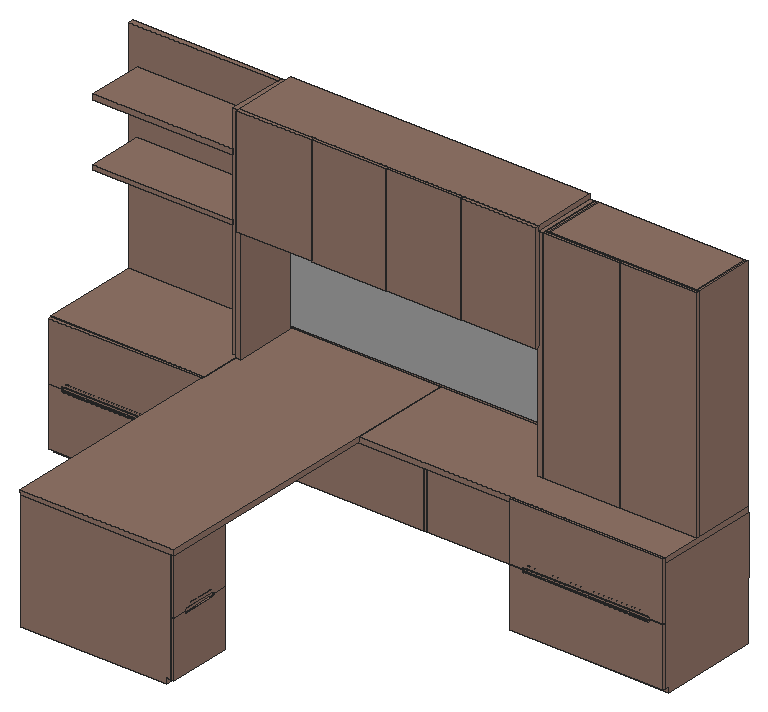
Revit family "OFS TYPICAL T100008", category Furniture, Revit 2022 (continued)
Definition of nested family "OFS SLATE CREDENZAS"
  Definition of nested family "OFS_Slate Private Office_Credenzas_Overlay Lateral File"
    Forms (in)
      Extrusion 14, solid, material <- "Drawers", visible <- "6 Drawers"
        sketch origin (-3.76383, -25.58661, 47.24409) x (-1, 0, 0) y (0, 0, 1)
          loop
            line (-23.09717, -30.70035) -> (-23.09717, -44.79409) -> (-14.4305, -44.79409) -> (-14.4305, -30.70035) -> (-23.09717, -30.70035)
          loop
            line (-31.82633, -16.9191) -> (-31.82633, -30.57535) -> (-23.22217, -30.57535) -> (-23.22217, -16.9191) -> (-31.82633, -16.9191)
          loop
            line (-31.82633, -30.70035) -> (-31.82633, -44.79409) -> (-23.22217, -44.79409) -> (-23.22217, -30.70035) -> (-31.82633, -30.70035)
        from 0 to 0.75
    Cuts and joins
      joined: Revolve 1, Revolve 2, Revolve 3, Revolve 4
      joined: Sweep 5, Extrusion 10
      Sweep 11 cuts Extrusion 12
      Sweep 11 cuts Extrusion 13
      Sweep 11 cuts Extrusion 14
    Lines and regions (in)
      Masking region 1, visible <- "Overlay Lateral File"
        outline origin (77.82463, -60, 30.3875) x (0, -1, 0) y (1, 0, 0)
          loop
            line (-60, -77.82463) -> (-34.41339, -77.82463) -> (-34.41339, -47.82463) -> (-60, -47.82463) -> (-60, -77.82463)
    Dimensions and locks (in)
      "Width": plane 3 "Center (Left/Right)" to plane 5
      equal spacing: plane 3 "Center (Left/Right)", plane 17, plane 5
      locked: Extrusion 7 sketch curve to plane 3 "Center (Left/Right)" at 1.9375
      locked: plane 20 to Extrusion 8 sketch curve at 0.125
      Extrusion 10 sketch curve to Extrusion 10 sketch curve to plane 9 = 0' - 0" locked, 0' - 1 15/16" locked
      locked: plane 3 "Center (Left/Right)" to Extrusion 10 sketch curve at 1.9375
      plane 3 "Center (Left/Right)" to plane 10 to plane 6 to plane 20 = 0' - 0 1/8" locked, 0' - 0 5/8" locked, 0' - 1 1/16" locked
      plane 22 to plane 21 to plane 4 to plane 11 to plane 5 = 0' - 0 1/8" locked, 0' - 1 1/16" locked, 0' - 0 5/8" locked, 0' - 0 1/8" locked
      "Length 2": plane 20 to plane 18
      "Length 2": plane 19 to plane 21
      Extrusion 13 sketch curve to plane 17 to Extrusion 13 sketch curve = 0' - 0 1/16" locked, 0' - 0 1/16" locked
      locked: Sweep 11 sketch curve to plane 3 "Center (Left/Right)" at 5.3725
      locked: Sweep 11 sketch curve to plane 5 at 5.3725
      equal spacing: plane 20, plane 23, plane 24, plane 21
      Extrusion 14 sketch curve to plane 23 to Extrusion 14 sketch curve = 0' - 0 1/16" locked, 0' - 0 1/16" locked
      Extrusion 14 sketch curve to plane 24 to Extrusion 14 sketch curve = 0' - 0 1/16" locked, 0' - 0 1/16" locked
      aligned and locked: level to plane 2
      aligned and locked: plane 9 to Sweep 5 sketch curve
      aligned and locked: plane 21 to Extrusion 9
      aligned and locked: Extrusion 6 to plane 22
      aligned and locked: Extrusion 7 sketch curve to plane 22
      aligned and locked: Extrusion 10 sketch curve to plane 22
      aligned and locked: plane 5 to Extrusion 10 sketch curve
      aligned and locked: plane 9 to Extrusion 10 sketch curve  (x2)
      aligned and locked: Extrusion 10 sketch curve to plane 3 "Center (Left/Right)"
      aligned and locked: plane 22 to Extrusion 8 sketch curve
      aligned and locked: Masking region 1 sketch curve to Extrusion 7
      aligned and locked: Extrusion 7 to Extrusion 12
      aligned and locked: Extrusion 12 to plane 22
      aligned and locked: Extrusion 13 sketch curve to Extrusion 6
      aligned and locked: Extrusion 13 sketch curve to cut or joined group of Sweep 11, Extrusion 12
      aligned and locked: Extrusion 13 sketch curve to Extrusion 13 sketch curve
      aligned and locked: plane 22 to Extrusion 13 sketch curve
      aligned and locked: Extrusion 14 sketch curve to cut or joined group of Sweep 11, Extrusion 13
      aligned and locked: Extrusion 14 sketch curve to Extrusion 14 sketch curve  (x6)
      aligned and locked: Extrusion 14 sketch curve to plane 22
    Automatic sketch dimensions
      Revolve 1 sketch curve to plane 12 = 0' - 0"
      Revolve 1 sketch curve to level = 0' - 0"  (x2)
      Revolve 1 sketch curve to plane 6 = 0' - 0 7/32"
      plane 6 to Revolve 1 sketch curve = 0' - 0.02625"
      plane 6 to Revolve 1 sketch curve = 0' - 0 1/32"
      Revolve 1 sketch curve to Revolve 1 sketch curve = 0' - 0.03868"
      level to Revolve 1 sketch curve = 0' - 0.13"
      Revolve 1 sketch curve to Revolve 1 sketch curve = 0' - 0"
      Revolve 1 sketch curve to level = 0' - 0.09316"
      Revolve 2 sketch curve to plane 12 = 0' - 0"
      Revolve 2 sketch curve to level = 0' - 0"  (x2)
      Revolve 2 sketch curve to plane 4 = 0' - 0 7/32"
      plane 4 to Revolve 2 sketch curve = 0' - 0.02625"
      plane 4 to Revolve 2 sketch curve = 0' - 0 1/32"
      Revolve 2 sketch curve to Revolve 2 sketch curve = 0' - 0.03868"
      Revolve 2 sketch curve to plane 12 = 0' - 0.19756"
      Revolve 2 sketch curve to Revolve 2 sketch curve = 0' - 0"
      Revolve 2 sketch curve to Revolve 2 sketch curve = 0' - 0.09316"
      Revolve 3 sketch curve to plane 12 = 0' - 0"
      Revolve 3 sketch curve to level = 0' - 0"  (x2)
      plane 4 to Revolve 3 sketch curve = 0' - 0.06992"
      plane 4 to Revolve 3 sketch curve = 0' - 0 1/32"
      plane 4 to Revolve 3 sketch curve = 0' - 0.02625"
      Revolve 3 sketch curve to plane 4 = 0' - 0 7/32"
      level to Revolve 3 sketch curve = 0' - 0.13"
      Revolve 3 sketch curve to Revolve 3 sketch curve = 0' - 0"
      Revolve 3 sketch curve to Revolve 3 sketch curve = 0' - 0.09316"
      Revolve 4 sketch curve to plane 12 = 0' - 0"
      Revolve 4 sketch curve to level = 0' - 0"  (x2)
      Revolve 4 sketch curve to plane 6 = 0' - 0 7/32"
      plane 6 to Revolve 4 sketch curve = 0' - 0.02625"
      plane 6 to Revolve 4 sketch curve = 0' - 0 1/32"
      Revolve 4 sketch curve to Revolve 4 sketch curve = 0' - 0.03868"
      Revolve 4 sketch curve to Revolve 4 sketch curve = 0' - 0.13"
      Revolve 4 sketch curve to Revolve 4 sketch curve = 0' - 0"
      Revolve 4 sketch curve to level = 0' - 0.09316"
      Extrusion 6 sketch curve to plane 12 = 0' - 0"
      Extrusion 6 sketch curve to plane 1 "Center (Front/Back)" = 0' - 0"
      plane 14 to Extrusion 6 sketch curve = 0' - 0.62544"
      plane 13 to Extrusion 6 sketch curve = 0' - 1 3/16"
      plane 12 to Extrusion 8 sketch curve = 0' - 1 1/4"
      Extrusion 8 sketch curve to Extrusion 8 sketch curve = 0' - 0 3/4"
      plane 13 to Extrusion 9 sketch curve = 0' - 0"
      plane 14 to Extrusion 9 sketch curve = 0' - 0.63677"
      Extrusion 9 sketch curve to plane 7 = 0' - 0 3/4"
      plane 13 to Extrusion 9 sketch curve = 0' - 1 3/16"
      plane 1 "Center (Front/Back)" to Extrusion 10 sketch curve = 0' - 0"  (x2)
      Sweep 11 sketch curve to plane 8 = 0' - 0"
      plane 8 to Sweep 11 sketch curve = 0' - 0.06015"
      Sweep 11 sketch curve to profile plane = 0' - 0.17843"
      Sweep 11 sketch curve to profile plane = 0' - 0.23364"
      Sweep 11 sketch curve to Sweep 11 sketch curve = 0' - 0.07084"
      Sweep 11 sketch curve to Sweep 11 sketch curve = 0' - 0 33/64"
      Sweep 11 sketch curve to Sweep 11 sketch curve = 0' - 0.2997"
      Sweep 11 sketch curve to Sweep 11 sketch curve = 0' - 0.2339"
      Extrusion 12 sketch curve to plane 8 = 0' - 0"  (x2)
      plane 13 to Extrusion 12 sketch curve = 0' - 0 1/16"
      plane 8 to Extrusion 12 sketch curve = 0' - 0 3/4"
      Extrusion 12 sketch curve to Extrusion 12 sketch curve = 1' - 1 21/32"
      Extrusion 12 sketch curve to Extrusion 12 sketch curve = 0' - 0 1/8"
      plane 12 to Extrusion 12 sketch curve = 0' - 1 1/4"
      Extrusion 12 sketch curve to Extrusion 12 sketch curve = 0' - 0 3/4"
      plane 13 to Sweep 11 sketch curve = 1' - 2.59302"
      Sweep 11 sketch curve to Sweep 11 sketch curve = 0' - 0.81176"
      Sweep 5 sketch curve to plane 5 = 0' - 0"
      Sweep 5 sketch curve to plane 3 "Center (Left/Right)" = 0' - 0"
      Sweep 5 sketch curve to plane 12 = 0' - 0"
      Sweep 5 sketch curve to profile plane = 0' - 0"
      profile plane to Sweep 5 sketch curve = 0' - 0 3/4"
      Sweep 5 sketch curve to Sweep 5 sketch curve = 0' - 1 1/4"
      Extrusion 7 sketch curve to plane 3 "Center (Left/Right)" = 0' - 0"
      plane 5 to Extrusion 7 sketch curve = 0' - 0"
      plane 12 to Extrusion 7 sketch curve = 0' - 1 1/4"  (x2)
      plane 13 to Extrusion 7 sketch curve = 0' - 1 3/16"  (x2)
      Extrusion 13 sketch curve to plane 17 = 0' - 0 1/16"
      plane 17 to Extrusion 13 sketch curve = 0' - 0 1/16"
      plane 12 to Extrusion 13 sketch curve = 0' - 2"  (x2)
      plane 13 to Extrusion 13 sketch curve = 1' - 1 27/32"
      Extrusion 13 sketch curve to Extrusion 13 sketch curve = 0' - 0"
      Extrusion 13 sketch curve to Extrusion 13 sketch curve = 0' - 0 1/8"  (x2)
      plane 13 to Extrusion 13 sketch curve = 0' - 0 1/16"  (x2)
      plane 12 to Extrusion 14 sketch curve = 0' - 2"  (x2)
      Extrusion 14 sketch curve to Extrusion 14 sketch curve = 0' - 0"  (x2)
      plane 13 to Extrusion 14 sketch curve = 1' - 1 27/32"  (x2)
      Extrusion 14 sketch curve to Extrusion 14 sketch curve = 0' - 0 1/8"  (x3)
      plane 13 to Extrusion 14 sketch curve = 0' - 0 1/16"  (x3)
      Masking region 1 sketch curve to plane 3 "Center (Left/Right)" = 0' - 0"
      Masking region 1 sketch curve to plane 8 = 0' - 0"
      Masking region 1 sketch curve to plane 5 = 0' - 0"
  Definition of nested family "Tag"
    Parameters
      P_Width = 0' - 0"
      Text_Width = "Empty"
      Text_Height = "Empty"
      Text_Diameter = "Empty"
      Text_Depth = "Empty"
      Offset (LR) [instance] = 0' - 0"
      Model Name = "Type Catalog"
      P_Height = 0' - 0"
      Distance of Center (not Change) = 0' - 0.1"
      P_Diameter = 0' - 0"
      P_Depth = 0' - 0"
    Reference planes (in)
      plane 1: y = 0
      plane 2: x = 0
    Lines and regions (in)
      reference lines
        curve 1: line (-0.44359, 0.1, 0) -> (0.41085, 0.1, 0)
        curve 3: line (0, 0.42564, 0) -> (0, -0.30221, 0)
      reference lines, not visible
        curve 2: line (-0.44359, 0.09843, 0) -> (0.41085, 0.09843, 0)
        curve 4: line (0, 0.42407, 0) -> (0, -0.30379, 0)
    Text (in)
      label "Empty" at (0.00197, 0.0921, 0), shows "Model Name"
      label "Empty" at (0.00197, 0.09052, 0), shows "Model Name", not visible
    Dimensions and locks (in)
      "Distance of Center (not Change)": plane 1 to curve 1
      "Offset (LR)": curve 3 to plane 2
    Automatic sketch dimensions
      curve 1 to curve 3 = 0' - 0.44359"
      curve 3 to curve 1 = 0' - 0.41085"
      curve 3 to curve 1 = 0' - 0.40221"
      curve 1 to curve 3 = 0' - 0.32564"
      curve 2 to curve 4 = 0' - 0.44359"
      curve 4 to curve 2 = 0' - 0.41085"
      curve 4 to curve 2 = 0' - 0.40221"
      curve 2 to curve 4 = 0' - 0.32564"
  Definition of nested family "OFS_Slate Private Office_Credenzas_Double Pedestal"
    Parameters
      Width 1 [instance] = if(Width < 5' 0", 5' 0", Width)  # 5' - 0"
      Width [instance] = 5' - 0"
      URL = "http://www.ofsbrands.com/"
      Type [instance] = 1
      Top [instance] = none
      Panel [instance] = none
      Model = "Type Catalog"
      Manufacturer = "OFS BRANDS"  # constant formula
      Glides [instance] = none
      Drawers [instance] = none
      Double Pedestal [instance] = Type = 1  # yes
      Description = "Type Catalog"
      Default Elevation = 0' - 0"
      Copyright © = "© 2016 OFS BRANDS"  # constant formula
      Catalog = "OFS"  # constant formula
      Case [instance] = none
      Base [instance] = none
      Authoring Version = "Autodesk Revit Architecture 2014"  # constant formula
      Assembly Code = "E2020200"
    Reference planes (in)
      plane 1 "Center (Front/Back)": y = 0
      plane 2: z = 0
      plane 3 "Center (Left/Right)": x = 0
      plane 4: z = 0.45
      plane 5: z = 1.7
      plane 6: z = 28.0125
      plane 7: z = 29.2
      plane 8: z = 2.45
      plane 9: x = 18
      plane 10: x = 30
      plane 11: x = 60
      plane 12: x = 42
      plane 13: y = -1.37544
      plane 14: y = -21.74956
      plane 15: y = -24
      plane 16: y = -24.83661
      plane 17: x = 0.75
      plane 18: x = 59.25
      plane 19: x = 17.25
      plane 20: x = 42.75
      plane 21: x = 18.75
      plane 22: x = 41.25
    Forms (in)
      Extrusion 1, solid, material <- "Top", visible <- "Double Pedestal"
        sketch origin (0, 0, 0) x (0, 1, 0) y (0, 0, 1)
          loop
            line (0, 29.2) -> (-24, 29.2) -> (-24, 28.0125) -> (0, 28.0125) -> (0, 29.2)
        from 0 to 60
      Sweep 2, solid, material <- "Case", visible <- "Double Pedestal"
        path origin (-60.07556, -60, 0.45) x (-1, 0, 0) y (0, -1, 0)
          loop
            line (-60.82556, -60) -> (-60.82556, -37.625) -> (-77.32556, -37.625) -> (-77.32556, -60)
        profile origin (9, -22.375, 0.45) x (0, 1, 0) y (0, 0, 1)
          loop
            line (-0.75, 0) -> (0, 0) -> (0, 1.25) -> (-0.75, 1.25) -> (-0.75, 0)
      Extrusion 3, solid, material <- "Case", visible <- "Double Pedestal"
        sketch origin (-3.76383, -24, 47.24409) x (-1, 0, 0) y (0, 0, 1)
          loop
            line (-3.76383, -19.2316) -> (-4.51383, -19.2316) -> (-4.51383, -45.5441) -> (-3.76383, -45.5441) -> (-3.76383, -19.2316)
          loop
            line (-21.01383, -19.2316) -> (-21.76383, -19.2316) -> (-21.76383, -45.5441) -> (-21.01383, -45.5441) -> (-21.01383, -19.2316)
          loop
            line (-63.76383, -19.2316) -> (-63.76383, -45.5441) -> (-63.01383, -45.5441) -> (-63.01383, -19.2316) -> (-63.76383, -19.2316)
          loop
            line (-46.51383, -19.2316) -> (-46.51383, -45.5441) -> (-45.76383, -45.5441) -> (-45.76383, -19.2316) -> (-46.51383, -19.2316)
        from 0 to 24
      Extrusion 4, solid, material <- "Case", visible <- "Double Pedestal"
        sketch origin (-60.07556, -60, 0.45) x (-1, 0, 0) y (0, -1, 0)
          loop
            line (-60.82556, -60) -> (-60.82556, -59.25) -> (-77.32556, -59.25) -> (-77.32556, -60) -> (-60.82556, -60)
          loop
            line (-119.32556, -59.25) -> (-119.32556, -60) -> (-102.82556, -60) -> (-102.82556, -59.25) -> (-119.32556, -59.25)
        from 0 to 27.5625
      Extrusion 5, solid, material <- "Case", visible <- "Double Pedestal"
        sketch origin (-60.07556, -60, 0.45) x (-1, 0, 0) y (0, -1, 0)
          loop
            line (-78.07556, -60) -> (-78.07556, -56.75) -> (-78.82556, -56.75) -> (-78.82556, -60) -> (-78.07556, -60)
          loop
            line (-101.32556, -60) -> (-101.32556, -56.75) -> (-102.07556, -56.75) -> (-102.07556, -60) -> (-101.32556, -60)
        from 0 to 27.5625
      Extrusion 6, solid, material <- "Panel", visible <- "Double Pedestal"
        sketch origin (-60.07556, -60, 0.45) x (-1, 0, 0) y (0, -1, 0)
          loop
            line (-78.07556, -56.75) -> (-78.07556, -56) -> (-102.07556, -56) -> (-102.07556, -56.75) -> (-78.07556, -56.75)
        from 0 to 14
      Extrusion 7, solid, material <- "Panel", visible <- "Double Pedestal"
        sketch origin (-60.07556, -60, 0.45) x (-1, 0, 0) y (0, -1, 0)
          loop
            line (-78.20056, -56.75) -> (-78.20056, -56) -> (-101.95056, -56) -> (-101.95056, -56.75) -> (-78.20056, -56.75)
        from 14.125 to 26.8125
      Extrusion 8, solid, material <- "Drawers", visible <- "Double Pedestal"
        sketch origin (63.21186, -24.83661, 47.24409) x (1, 0, 0) y (0, 0, 1)
          loop
            line (-63.08686, -18.10659) -> (-63.08686, -31.76284) -> (-45.21186, -31.76284) -> (-45.21186, -18.10659) -> (-63.08686, -18.10659)
          loop
            line (-45.21186, -31.88784) -> (-63.08686, -31.88784) -> (-63.08686, -45.5441) -> (-45.21186, -45.5441) -> (-45.21186, -31.88784)
          loop
            line (-3.33686, -18.10659) -> (-21.21186, -18.10659) -> (-21.21186, -31.76284) -> (-3.33686, -31.76284) -> (-3.33686, -18.10659)
          loop
            line (-21.21186, -31.88784) -> (-21.21186, -45.5441) -> (-3.33686, -45.5441) -> (-3.33686, -31.88784) -> (-21.21186, -31.88784)
        from 0 to -0.75
      Sweep 9, void
        path origin (63.21186, -24.83661, 47.24409) x (1, 0, 0) y (0, 0, 1)
          loop
            arc (-59.52677, -31.01358) -> (-60.33854, -31.82534) -> (-59.52677, -32.63711) r 0.81176
            line (-59.52677, -32.63711) -> (-48.77196, -32.63711)
            arc (-48.77196, -32.63711) -> (-47.96019, -31.82534) -> (-48.77196, -31.01358) r 0.81176
            line (-48.77196, -31.01358) -> (-59.52677, -31.01358)
        profile origin (9.0625, -24.83661, 16.23051) x (0, 0, 1) y (0, -1, 0)
          loop
            line (-0.74926, 0) -> (-0.74926, -0.59375) -> (-0.23364, -0.59375)
            arc (-0.23364, -0.59375) -> (0.00064, -0.37682) -> (-0.19766, -0.12657) r 0.23498
            arc (-0.19766, -0.12657) -> (-0.2346, -0.106) -> (-0.24927, -0.06635) r 0.06093
            line (-0.24927, -0.06635) -> (-0.24927, 0) -> (-0.74926, 0)
      Sweep 10, void
        path origin (-3.21186, -24.83661, 47.24409) x (-1, 0, 0) y (0, 0, -1)
          loop
            line (-59.52677, 31.01358) -> (-48.77196, 31.01358)
            arc (-48.77196, 31.01358) -> (-47.96019, 31.82534) -> (-48.77196, 32.63711) r 0.81176
            line (-48.77196, 32.63711) -> (-59.52677, 32.63711)
            arc (-59.52677, 32.63711) -> (-60.33854, 31.82534) -> (-59.52677, 31.01358) r 0.81176
        profile origin (50.9375, -24.83661, 16.23051) x (0, 0, -1) y (0, -1, 0)
          loop
            line (0.74926, 0) -> (0.24927, 0) -> (0.24927, -0.06635)
            arc (0.24927, -0.06635) -> (0.2346, -0.106) -> (0.19766, -0.12657) r 0.06093
            arc (0.19766, -0.12657) -> (-0.00064, -0.37682) -> (0.23364, -0.59375) r 0.23498
            line (0.23364, -0.59375) -> (0.74926, -0.59375) -> (0.74926, 0)
      Extrusion 11, solid, material <- "Base", visible <- "Double Pedestal"
        sketch origin (0, 0, 0) x (1, 0, 0) y (0, 0, 1)
          loop
            line (0.75, 2.45) -> (0.75, 1.7) -> (17.25, 1.7) -> (17.25, 2.45) -> (0.75, 2.45)
          loop
            line (42.75, 2.45) -> (42.75, 1.7) -> (59.25, 1.7) -> (59.25, 2.45) -> (42.75, 2.45)
        from 0.75 to 24
      Sweep 12, solid, material <- "Case", visible <- "Double Pedestal"
        path origin (120.07556, -60, 0.45) x (1, 0, 0) y (0, 1, 0)
          loop
            line (-60.82556, 60) -> (-60.82556, 37.625) -> (-77.32556, 37.625) -> (-77.32556, 60)
        profile origin (51, -22.375, 0.45) x (0, -1, 0) y (0, 0, 1)
          loop
            line (0.75, 0) -> (0.75, 1.25) -> (0, 1.25) -> (0, 0) -> (0.75, 0)
      Extrusion 13, solid, material <- "Case", visible <- "Double Pedestal"
        sketch origin (-60.07556, -60, 0.45) x (-1, 0, 0) y (0, -1, 0)
          loop
            line (-60.82556, -59.25) -> (-60.82556, -57.75) -> (-62.32556, -57.75) -> (-62.32556, -59.25) -> (-60.82556, -59.25)
          loop
            line (-75.82556, -59.25) -> (-75.82556, -57.75) -> (-77.32556, -57.75) -> (-77.32556, -59.25) -> (-75.82556, -59.25)
          loop
            line (-62.32556, -39.125) -> (-60.82556, -39.125) -> (-60.82556, -37.625) -> (-62.32556, -37.625) -> (-62.32556, -39.125)
          loop
            line (-75.82556, -39.125) -> (-75.82556, -37.625) -> (-77.32556, -37.625) -> (-77.32556, -39.125) -> (-75.82556, -39.125)
          loop
            line (-119.32556, -59.25) -> (-117.82556, -59.25) -> (-117.82556, -57.75) -> (-119.32556, -57.75) -> (-119.32556, -59.25)
          loop
            line (-104.32556, -59.25) -> (-102.82556, -59.25) -> (-102.82556, -57.75) -> (-104.32556, -57.75) -> (-104.32556, -59.25)
          loop
            line (-117.82556, -39.125) -> (-117.82556, -37.625) -> (-119.32556, -37.625) -> (-119.32556, -39.125) -> (-117.82556, -39.125)
          loop
            line (-104.32556, -39.125) -> (-102.82556, -39.125) -> (-102.82556, -37.625) -> (-104.32556, -37.625) -> (-104.32556, -39.125)
        from 0 to 1.25
      Revolve 14, solid, material <- "Glides", visible <- "Double Pedestal"
        sketch origin (-3.76383, -1.37544, 47.24409) x (-1, 0, 0) y (0, 0, 1)
          loop
            line (-5.15473, -46.79409) -> (-5.15473, -47.24409) -> (-4.90473, -47.24409)
            arc (-4.90473, -47.24409) -> (-4.78439, -47.13335) -> (-4.86606, -46.99165) r 0.13088
            line (-4.86606, -46.99165) -> (-4.90473, -46.99165) -> (-4.90473, -46.79409) -> (-5.15473, -46.79409)
          axis (-5.15473, -46.79409) -> (-5.15473, -47.24409)
        angle from 0 to 360
      Revolve 15, solid, material <- "Glides", visible <- "Double Pedestal"
        sketch origin (21.76383, -1.37544, 47.24409) x (1, 0, 0) y (0, 0, -1)
          loop
            line (-5.15473, 46.79409) -> (-4.90473, 46.79409) -> (-4.90473, 46.99165) -> (-4.86606, 46.99165)
            arc (-4.86606, 46.99165) -> (-4.78439, 47.13335) -> (-4.90473, 47.24409) r 0.13088
            line (-4.90473, 47.24409) -> (-5.15473, 47.24409) -> (-5.15473, 46.79409)
          axis (-5.15473, 46.79409) -> (-5.15473, 47.24409)
        angle from 0 to 360
      Revolve 16, solid, material <- "Glides", visible <- "Double Pedestal"
        sketch origin (63.21186, -21.74956, 47.24409) x (1, 0, 0) y (0, 0, 1)
          loop
            line (-61.82096, -46.79409) -> (-62.07096, -46.79409) -> (-62.07096, -46.99165) -> (-62.10964, -46.99165)
            arc (-62.10964, -46.99165) -> (-62.19131, -47.13335) -> (-62.07096, -47.24409) r 0.13088
            line (-62.07096, -47.24409) -> (-61.82096, -47.24409) -> (-61.82096, -46.79409)
          axis (-61.82096, -46.79409) -> (-61.82096, -47.24409)
        angle from 0 to 360
      Revolve 17, solid, material <- "Glides", visible <- "Double Pedestal"
        sketch origin (63.21186, -21.74956, 47.24409) x (1, 0, 0) y (0, 0, 1)
          loop
            line (-46.60277, -46.79409) -> (-46.60277, -47.24409) -> (-46.35277, -47.24409)
            arc (-46.35277, -47.24409) -> (-46.23242, -47.13335) -> (-46.31409, -46.99165) r 0.13088
            line (-46.31409, -46.99165) -> (-46.35277, -46.99165) -> (-46.35277, -46.79409) -> (-46.60277, -46.79409)
          axis (-46.60277, -46.79409) -> (-46.60277, -47.24409)
        angle from 0 to 360
      Revolve 18, solid, material <- "Glides", visible <- "Double Pedestal"
        sketch origin (63.76383, -1.37544, 47.24409) x (1, 0, 0) y (0, 0, -1)
          loop
            line (-5.15473, 46.79409) -> (-4.90473, 46.79409) -> (-4.90473, 46.99165) -> (-4.86606, 46.99165)
            arc (-4.86606, 46.99165) -> (-4.78439, 47.13335) -> (-4.90473, 47.24409) r 0.13088
            line (-4.90473, 47.24409) -> (-5.15473, 47.24409) -> (-5.15473, 46.79409)
          axis (-5.15473, 46.79409) -> (-5.15473, 47.24409)
        angle from 0 to 360
      Revolve 19, solid, material <- "Glides", visible <- "Double Pedestal"
        sketch origin (38.23617, -1.37544, 47.24409) x (-1, 0, 0) y (0, 0, 1)
          loop
            line (-5.15473, -46.79409) -> (-5.15473, -47.24409) -> (-4.90473, -47.24409)
            arc (-4.90473, -47.24409) -> (-4.78439, -47.13335) -> (-4.86606, -46.99165) r 0.13088
            line (-4.86606, -46.99165) -> (-4.90473, -46.99165) -> (-4.90473, -46.79409) -> (-5.15473, -46.79409)
          axis (-5.15473, -46.79409) -> (-5.15473, -47.24409)
        angle from 0 to 360
      Revolve 20, solid, material <- "Glides", visible <- "Double Pedestal"
        sketch origin (-3.21186, -21.74956, 47.24409) x (-1, 0, 0) y (0, 0, -1)
          loop
            line (-61.82096, 46.79409) -> (-61.82096, 47.24409) -> (-62.07096, 47.24409)
            arc (-62.07096, 47.24409) -> (-62.19131, 47.13335) -> (-62.10964, 46.99165) r 0.13088
            line (-62.10964, 46.99165) -> (-62.07096, 46.99165) -> (-62.07096, 46.79409) -> (-61.82096, 46.79409)
          axis (-61.82096, 46.79409) -> (-61.82096, 47.24409)
        angle from 0 to 360
      Revolve 21, solid, material <- "Glides", visible <- "Double Pedestal"
        sketch origin (-3.21186, -21.74956, 47.24409) x (-1, 0, 0) y (0, 0, -1)
          loop
            line (-46.60277, 46.79409) -> (-46.35277, 46.79409) -> (-46.35277, 46.99165) -> (-46.31409, 46.99165)
            arc (-46.31409, 46.99165) -> (-46.23242, 47.13335) -> (-46.35277, 47.24409) r 0.13088
            line (-46.35277, 47.24409) -> (-46.60277, 47.24409) -> (-46.60277, 46.79409)
          axis (-46.60277, 46.79409) -> (-46.60277, 47.24409)
        angle from 0 to 360
    Cuts and joins
      Sweep 9, Sweep 10 cuts Extrusion 8
      joined: Sweep 2, Extrusion 3, Extrusion 13
      joined: Revolve 14, Revolve 15, Revolve 16, Revolve 17, Revolve 18, Revolve 19, Revolve 20, Revolve 21
    Lines and regions (in)
      Masking region 1, visible <- "Double Pedestal"
        outline origin (-60.07556, -60, 29.2) x (-1, 0, 0) y (0, -1, 0)
          loop
            line (-60.07556, -60) -> (-60.07556, -35.16339) -> (-120.07556, -35.16339) -> (-120.07556, -60) -> (-60.07556, -60)
    Dimensions and locks (in)
      "Width 1": plane 3 "Center (Left/Right)" to plane 11
      plane 3 "Center (Left/Right)" to plane 17 to plane 19 to plane 9 to plane 21 = 0' - 0 3/4" locked, 1' - 4 1/2" locked, 0' - 0 3/4" locked, 0' - 0 3/4" locked
      plane 22 to plane 12 to plane 20 to plane 18 to plane 11 = 0' - 0 3/4" locked, 0' - 0 3/4" locked, 1' - 4 1/2" locked, 0' - 0 3/4" locked
      equal spacing: plane 3 "Center (Left/Right)", plane 10, plane 11
      Sweep 9 sketch curve to Sweep 9 sketch curve to plane 3 "Center (Left/Right)" = 0' - 10.75482" locked, 0' - 3.68509" locked
      Sweep 10 sketch curve to Sweep 10 sketch curve to plane 11 = 0' - 10.75482" locked, 0' - 3.68509" locked
      aligned and locked: level to plane 2
      aligned and locked: plane 11 to Extrusion 1
      aligned and locked: Extrusion 3 sketch curve to Extrusion 1  (x2)
      aligned and locked: Extrusion 3 sketch curve to Sweep 2  (x2)
      aligned and locked: Extrusion 3 sketch curve to plane 6
      aligned and locked: Extrusion 3 sketch curve to plane 19
      aligned and locked: Extrusion 4 sketch curve to plane 19
      aligned and locked: plane 20 to Extrusion 4 sketch curve
      aligned and locked: plane 18 to Extrusion 4 sketch curve
      aligned and locked: plane 17 to Extrusion 4 sketch curve
      aligned and locked: Sweep 2 to Extrusion 5 sketch curve
      aligned and locked: plane 21 to Extrusion 5 sketch curve
      aligned and locked: plane 1 "Center (Front/Back)" to Extrusion 5 sketch curve
      aligned and locked: plane 22 to Extrusion 5 sketch curve
      aligned and locked: plane 12 to Extrusion 5 sketch curve
      aligned and locked: Sweep 12 sketch curve to plane 20
      aligned and locked: plane 18 to Sweep 12 sketch curve
      aligned and locked: plane 19 to Sweep 2 sketch curve
      aligned and locked: Sweep 2 sketch curve to plane 17
      aligned and locked: Masking region 1 sketch curve to Extrusion 1  (x2)
      aligned and locked: Masking region 1 sketch curve to cut or joined group of Extrusion 8, Sweep 9, Sweep 10
      aligned and locked: Masking region 1 sketch curve to plane 11
    Automatic sketch dimensions
      Extrusion 1 sketch curve to plane 7 = 0' - 0"
      Extrusion 1 sketch curve to plane 15 = 0' - 0"
      Extrusion 1 sketch curve to plane 1 "Center (Front/Back)" = 0' - 0"
      plane 6 to Extrusion 1 sketch curve = 0' - 0"
      plane 1 "Center (Front/Back)" to Sweep 2 sketch curve = 0' - 0"  (x2)
      plane 14 to Sweep 2 sketch curve = 0' - 0.62544"
      Sweep 2 sketch curve to plane 4 = 0' - 0"
      Sweep 2 sketch curve to profile plane = 0' - 0"
      profile plane to Sweep 2 sketch curve = 0' - 0 3/4"
      plane 4 to Sweep 2 sketch curve = 0' - 1 1/4"
      Extrusion 3 sketch curve to plane 5 = 0' - 0"  (x4)
      Extrusion 3 sketch curve to plane 11 = 0' - 0"
      plane 18 to Extrusion 3 sketch curve = 0' - 0"
      plane 20 to Extrusion 3 sketch curve = 0' - 0"
      Extrusion 3 sketch curve to plane 6 = 0' - 0"  (x2)
      Extrusion 3 sketch curve to plane 12 = 0' - 0"
      plane 1 "Center (Front/Back)" to Extrusion 4 sketch curve = 0' - 0"  (x2)
      plane 13 to Extrusion 4 sketch curve = 0' - 0.62544"  (x2)
      plane 1 "Center (Front/Back)" to Extrusion 5 sketch curve = 0' - 0"
      Extrusion 5 sketch curve to plane 13 = 0' - 1.87456"  (x2)
      Extrusion 6 sketch curve to plane 12 = 0' - 0"
      Extrusion 6 sketch curve to plane 9 = 0' - 0"
      Extrusion 6 sketch curve to plane 13 = 0' - 1.87456"
      Extrusion 6 sketch curve to Extrusion 6 sketch curve = 0' - 0 3/4"
      plane 12 to Extrusion 7 sketch curve = 0' - 0 1/8"
      plane 9 to Extrusion 7 sketch curve = 0' - 0 1/8"
      Extrusion 7 sketch curve to plane 13 = 0' - 1.87456"
      Extrusion 7 sketch curve to Extrusion 7 sketch curve = 0' - 0 3/4"
      Extrusion 8 sketch curve to plane 5 = 0' - 0"  (x2)
      Extrusion 8 sketch curve to plane 9 = 0' - 0"  (x2)
      plane 3 "Center (Left/Right)" to Extrusion 8 sketch curve = 0' - 0 1/8"
      Extrusion 8 sketch curve to Extrusion 8 sketch curve = 0' - 0"  (x2)
      Extrusion 8 sketch curve to plane 12 = 0' - 0"  (x2)
      Extrusion 8 sketch curve to plane 11 = 0' - 0 1/8"
      plane 6 to Extrusion 8 sketch curve = 1' - 0 21/32"  (x2)
      Extrusion 8 sketch curve to Extrusion 8 sketch curve = 0' - 0 1/8"  (x2)
      Extrusion 8 sketch curve to plane 7 = 0' - 0 1/16"  (x2)
      Sweep 9 sketch curve to plane 8 = 1' - 0.15699"
      Sweep 9 sketch curve to Sweep 9 sketch curve = 0' - 0.81176"
      Sweep 9 sketch curve to plane 16 = 0' - 0"
      profile plane to Sweep 9 sketch curve = 0' - 0.74926"
      Sweep 9 sketch curve to plane 16 = 0' - 0.06635"
      profile plane to Sweep 9 sketch curve = 0' - 0.24927"
      profile plane to Sweep 9 sketch curve = 0' - 0.23364"
      Sweep 9 sketch curve to Sweep 9 sketch curve = 0' - 0.06093"
      Sweep 9 sketch curve to Sweep 9 sketch curve = 0' - 0.29242"
      Sweep 9 sketch curve to Sweep 9 sketch curve = 0' - 0.23498"
      plane 6 to Sweep 10 sketch curve = 0' - 11.78198"
      Sweep 10 sketch curve to Sweep 10 sketch curve = 0' - 0.81176"
      Sweep 10 sketch curve to plane 16 = 0' - 0"
      Sweep 10 sketch curve to plane 16 = 0' - 0.06635"
      Sweep 10 sketch curve to profile plane = 0' - 0.18833"
      Sweep 10 sketch curve to profile plane = 0' - 0.23364"
      Sweep 10 sketch curve to Sweep 10 sketch curve = 0' - 0.06093"
      Sweep 10 sketch curve to Sweep 10 sketch curve = 0' - 0 33/64"
      Sweep 10 sketch curve to Sweep 10 sketch curve = 0' - 0.29242"
      Sweep 10 sketch curve to Sweep 10 sketch curve = 0' - 0.23498"
      Extrusion 11 sketch curve to plane 5 = 0' - 0"  (x2)
      Extrusion 11 sketch curve to plane 17 = 0' - 0"
      Extrusion 11 sketch curve to plane 19 = 0' - 0"
      Extrusion 11 sketch curve to plane 8 = 0' - 0"  (x2)
      plane 20 to Extrusion 11 sketch curve = 0' - 0"
      plane 18 to Extrusion 11 sketch curve = 0' - 0"
      plane 1 "Center (Front/Back)" to Sweep 12 sketch curve = 0' - 0"  (x2)
      plane 14 to Sweep 12 sketch curve = 0' - 0.62544"
      Sweep 12 sketch curve to plane 4 = 0' - 0"
      Sweep 12 sketch curve to profile plane = 0' - 0"
      Sweep 12 sketch curve to profile plane = 0' - 0 3/4"
      Sweep 12 sketch curve to Sweep 12 sketch curve = 0' - 1 1/4"
      Extrusion 13 sketch curve to plane 18 = 0' - 0"  (x2)
      Extrusion 13 sketch curve to plane 20 = 0' - 0"  (x2)
      Extrusion 13 sketch curve to plane 19 = 0' - 0"  (x2)
      Extrusion 13 sketch curve to plane 17 = 0' - 0"  (x2)
      plane 13 to Extrusion 13 sketch curve = 0' - 0.62544"  (x4)
      Extrusion 13 sketch curve to Extrusion 13 sketch curve = 0' - 1 1/2"  (x5)
      plane 14 to Extrusion 13 sketch curve = 0' - 0.62544"  (x4)
      Extrusion 13 sketch curve to plane 20 = 0' - 1 1/2"
      plane 17 to Extrusion 13 sketch curve = 0' - 1 1/2"  (x2)
      Extrusion 13 sketch curve to plane 13 = 0' - 0.87456"  (x4)
      Extrusion 13 sketch curve to plane 14 = 0' - 0.87456"  (x4)
      Revolve 14 sketch curve to plane 4 = 0' - 0"
      Revolve 14 sketch curve to level = 0' - 0"  (x2)
      plane 17 to Revolve 14 sketch curve = 0' - 0.6409"
      Revolve 14 sketch curve to Revolve 14 sketch curve = 0' - 0.24097"
      Revolve 14 sketch curve to Revolve 14 sketch curve = 0' - 0.00903"  (x2)
      Revolve 14 sketch curve to Revolve 14 sketch curve = 0' - 0.03868"
      level to Revolve 14 sketch curve = 0' - 0.13057"
      Revolve 14 sketch curve to Revolve 14 sketch curve = 0' - 0"
      Revolve 14 sketch curve to level = 0' - 0.10773"
      Revolve 15 sketch curve to plane 4 = 0' - 0"
      Revolve 15 sketch curve to level = 0' - 0"  (x2)
      Revolve 15 sketch curve to plane 19 = 0' - 0.6409"
      Revolve 15 sketch curve to Revolve 15 sketch curve = 0' - 0.24097"
      Revolve 15 sketch curve to Revolve 15 sketch curve = 0' - 0.00903"  (x2)
      Revolve 15 sketch curve to Revolve 15 sketch curve = 0' - 0.03868"
      Revolve 15 sketch curve to Revolve 15 sketch curve = 0' - 0.19756"
      Revolve 15 sketch curve to Revolve 15 sketch curve = 0' - 0"
      Revolve 15 sketch curve to level = 0' - 0.10773"
      Revolve 16 sketch curve to plane 4 = 0' - 0"
      Revolve 16 sketch curve to level = 0' - 0"  (x2)
      plane 17 to Revolve 16 sketch curve = 0' - 0.35223"
      Revolve 16 sketch curve to Revolve 16 sketch curve = 0' - 0.03868"
      Revolve 16 sketch curve to Revolve 16 sketch curve = 0' - 0"  (x2)
      Revolve 16 sketch curve to Revolve 16 sketch curve = 0' - 0.00903"
      Revolve 16 sketch curve to Revolve 16 sketch curve = 0' - 0 1/4"
      level to Revolve 16 sketch curve = 0' - 0.13057"
      Revolve 16 sketch curve to level = 0' - 0.10773"
      Revolve 17 sketch curve to plane 4 = 0' - 0"
      Revolve 17 sketch curve to level = 0' - 0"  (x2)
      Revolve 17 sketch curve to plane 19 = 0' - 0.6409"
      Revolve 17 sketch curve to Revolve 17 sketch curve = 0' - 0.24097"
      Revolve 17 sketch curve to Revolve 17 sketch curve = 0' - 0.00903"  (x2)
      Revolve 17 sketch curve to Revolve 17 sketch curve = 0' - 0.03868"
      level to Revolve 17 sketch curve = 0' - 0.13057"
      Revolve 17 sketch curve to Revolve 17 sketch curve = 0' - 0"
      Revolve 17 sketch curve to level = 0' - 0.10773"
      Revolve 18 sketch curve to plane 4 = 0' - 0"
      Revolve 18 sketch curve to level = 0' - 0"  (x2)
      plane 18 to Revolve 18 sketch curve = 0' - 0.6409"
      Revolve 18 sketch curve to Revolve 18 sketch curve = 0' - 0.24097"
      Revolve 18 sketch curve to Revolve 18 sketch curve = 0' - 0.00903"  (x2)
      Revolve 18 sketch curve to Revolve 18 sketch curve = 0' - 0.03868"
      Revolve 18 sketch curve to Revolve 18 sketch curve = 0' - 0.19756"
      Revolve 18 sketch curve to Revolve 18 sketch curve = 0' - 0"
      Revolve 18 sketch curve to level = 0' - 0.10773"
      Revolve 19 sketch curve to plane 4 = 0' - 0"
      Revolve 19 sketch curve to level = 0' - 0"  (x2)
      Revolve 19 sketch curve to plane 20 = 0' - 0.6409"
      Revolve 19 sketch curve to Revolve 19 sketch curve = 0' - 0.24097"
      Revolve 19 sketch curve to Revolve 19 sketch curve = 0' - 0.00903"  (x2)
      Revolve 19 sketch curve to Revolve 19 sketch curve = 0' - 0.03868"
      level to Revolve 19 sketch curve = 0' - 0.13057"
      Revolve 19 sketch curve to Revolve 19 sketch curve = 0' - 0"
      Revolve 19 sketch curve to level = 0' - 0.10773"
      Revolve 20 sketch curve to plane 4 = 0' - 0"
      Revolve 20 sketch curve to level = 0' - 0"  (x2)
      plane 18 to Revolve 20 sketch curve = 0' - 0.35223"
      Revolve 20 sketch curve to Revolve 20 sketch curve = 0' - 0.03868"
      Revolve 20 sketch curve to Revolve 20 sketch curve = 0' - 0"  (x2)
      Revolve 20 sketch curve to Revolve 20 sketch curve = 0' - 0.00903"
      Revolve 20 sketch curve to Revolve 20 sketch curve = 0' - 0 1/4"
      Revolve 20 sketch curve to Revolve 20 sketch curve = 0' - 0.19756"
      Revolve 20 sketch curve to level = 0' - 0.10773"
      Revolve 21 sketch curve to plane 4 = 0' - 0"
      Revolve 21 sketch curve to level = 0' - 0"  (x2)
      Revolve 21 sketch curve to plane 20 = 0' - 0.6409"
      Revolve 21 sketch curve to Revolve 21 sketch curve = 0' - 0.24097"
      Revolve 21 sketch curve to Revolve 21 sketch curve = 0' - 0.00903"  (x2)
      Revolve 21 sketch curve to Revolve 21 sketch curve = 0' - 0.03868"
      Revolve 21 sketch curve to Revolve 21 sketch curve = 0' - 0.19756"
      Revolve 21 sketch curve to Revolve 21 sketch curve = 0' - 0"
      Revolve 21 sketch curve to level = 0' - 0.10773"
  Definition of nested family "OFS_Slate Private Office_Credenzas_Lateral File Cabinet"
    Parameters
      Width 1 [instance] = if(Width < 5' 6", 5' 6", Width)  # 5' - 6"
      Width [instance] = 5' - 6"
      URL = "http://www.ofsbrands.com/"
      Type = 3
      Top [instance] = none
      Model = "Type Catalog"
      Manufacturer = "OFS BRANDS"  # constant formula
      Length [instance] = if(and(Type = 3, Width = 5' 6"), 1' 10.755", 2' 4.755")  # 1' - 10.755"
      Lateral File/Cabinet = Type = 3  # yes
      Glides [instance] = none
      Drawers [instance] = none
      Description = "Type Catalog"
      Default Elevation = 0' - 0"
      Copyright © = "© 2016 OFS BRANDS"  # constant formula
      Catalog = "OFS"  # constant formula
      Case [instance] = none
      Base [instance] = none
      Authoring Version = "Autodesk Revit Architecture 2014"  # constant formula
      Assembly Code = "E2020200"
    Reference planes (in)
      plane 1 "Center (Front/Back)": y = 0
      plane 2: z = 0
      plane 3 "Center (Left/Right)": x = 0
      plane 4: x = 65.25
      plane 5: x = 66
      plane 6: x = 0.75
      plane 7: y = -24
      plane 8: y = -24.83661
      plane 9: y = -23.125
      plane 10: x = 0.125
      plane 11: x = 65.875
      plane 12: z = 0.45
      plane 13: z = 29.2
      plane 14: y = -1.37544
      plane 15: y = -21.74956
      plane 16: y = -11.5625
      plane 17: x = 33
      plane 18: x = 18
      plane 19: x = 48
    Forms (in)
      Revolve 1, solid, material <- "Glides", visible <- "Lateral File/Cabinet"
        sketch origin (1.0178, -1.37544, 47.24409) x (-1, 0, 0) y (0, 0, 1)
          loop
            line (-0.3731, -46.79409) -> (-0.3731, -47.24409) -> (-0.1281, -47.24409)
            arc (-0.1281, -47.24409) -> (0, -47.13626) -> (-0.08442, -46.99165) r 0.13
            line (-0.08442, -46.99165) -> (-0.1231, -46.99165) -> (-0.1231, -46.79409) -> (-0.3731, -46.79409)
          axis (-0.3731, -46.79409) -> (-0.3731, -47.24409)
        angle from 0 to 360
      Revolve 2, solid, material <- "Glides", visible <- "Lateral File/Cabinet"
        sketch origin (70.9822, -1.37544, 47.24409) x (1, 0, 0) y (0, 0, -1)
          loop
            line (-6.3731, 46.79409) -> (-6.1231, 46.79409) -> (-6.1231, 46.99165) -> (-6.08442, 46.99165)
            arc (-6.08442, 46.99165) -> (-6, 47.13626) -> (-6.1281, 47.24409) r 0.13
            line (-6.1281, 47.24409) -> (-6.3731, 47.24409) -> (-6.3731, 46.79409)
          axis (-6.3731, 46.79409) -> (-6.3731, 47.24409)
        angle from 0 to 360
      Revolve 3, solid, material <- "Glides", visible <- "Lateral File/Cabinet"
        sketch origin (70.9822, -21.74956, 47.24409) x (1, 0, 0) y (0, 0, 1)
          loop
            line (-6.3731, -46.79409) -> (-6.3731, -47.24409) -> (-6.1281, -47.24409)
            arc (-6.1281, -47.24409) -> (-6, -47.13626) -> (-6.08442, -46.99165) r 0.13
            line (-6.08442, -46.99165) -> (-6.1231, -46.99165) -> (-6.1231, -46.79409) -> (-6.3731, -46.79409)
          axis (-6.3731, -46.79409) -> (-6.3731, -47.24409)
        angle from 0 to 360
      Revolve 4, solid, material <- "Glides", visible <- "Lateral File/Cabinet"
        sketch origin (1.0178, -21.74956, 47.24409) x (-1, 0, 0) y (0, 0, -1)
          loop
            line (-0.3731, 46.79409) -> (-0.1231, 46.79409) -> (-0.1231, 46.99165) -> (-0.08442, 46.99165)
            arc (-0.08442, 46.99165) -> (0, 47.13626) -> (-0.1281, 47.24409) r 0.13
            line (-0.1281, 47.24409) -> (-0.3731, 47.24409) -> (-0.3731, 46.79409)
          axis (-0.3731, 46.79409) -> (-0.3731, 47.24409)
        angle from 0 to 360
      Extrusion 5, solid, material <- "Case", visible <- "Lateral File/Cabinet"
        sketch origin (-60.07556, -60, 0.45) x (-1, 0, 0) y (0, -1, 0)
          loop
            line (-60.82556, -59.25) -> (-60.82556, -57.75) -> (-62.32556, -57.75) -> (-62.32556, -59.25) -> (-60.82556, -59.25)
          loop
            line (-60.82556, -39.125) -> (-60.82556, -37.625) -> (-62.32556, -37.625) -> (-62.32556, -39.125) -> (-60.82556, -39.125)
          loop
            line (-125.32556, -59.25) -> (-123.82556, -59.25) -> (-123.82556, -57.75) -> (-125.32556, -57.75) -> (-125.32556, -59.25)
          loop
            line (-125.32556, -39.125) -> (-123.82556, -39.125) -> (-123.82556, -37.625) -> (-125.32556, -37.625) -> (-125.32556, -39.125)
        from 0 to 1.25
      Extrusion 6, solid, material <- "Top", visible <- "Lateral File/Cabinet"
        sketch origin (0, 0, 0) x (0, 1, 0) y (0, 0, 1)
          loop
            line (0, 29.2) -> (-24, 29.2) -> (-24, 28.0125) -> (0, 28.0125) -> (0, 29.2)
        from 0 to 66
      Sweep 7, solid, material <- "Case", visible <- "Lateral File/Cabinet"
        path origin (-60.07556, -60, 0.45) x (-1, 0, 0) y (0, -1, 0)
          loop
            line (-126.07556, -60) -> (-126.07556, -36.875) -> (-60.07556, -36.875) -> (-60.07556, -60)
        profile origin (0, -11.5625, 0.45) x (-1, 0, 0) y (0, 0, 1)
          loop
            line (-0.75, 0) -> (0, 0) -> (0, 1.25) -> (-0.75, 1.25) -> (-0.75, 0)
      Extrusion 8, solid, material <- "Case", visible <- "Lateral File/Cabinet"
        sketch origin (0, 0, 0) x (0, 1, 0) y (0, 0, 1)
          loop
            line (0, 28.0125) -> (-0.75, 28.0125) -> (-0.75, 0.45) -> (0, 0.45) -> (0, 28.0125)
        from 0.75 to 65.25
      Extrusion 9, solid, material <- "Case", visible <- "Lateral File/Cabinet"
        sketch origin (0, 0, 0) x (1, 0, 0) y (0, 0, 1)
          loop
            line (0, 28.0125) -> (0, 1.7) -> (0.75, 1.7) -> (0.75, 28.0125) -> (0, 28.0125)
          loop
            line (65.25, 28.0125) -> (65.25, 1.7) -> (66, 1.7) -> (66, 28.0125) -> (65.25, 28.0125)
        from 0 to 24
      Extrusion 10, solid, material <- "Drawers", visible <- "Lateral File/Cabinet"
        sketch origin (0.125, -24.83661, 47.24409) x (0, -1, 0) y (0, 0, 1)
          loop
            line (-0.26, -18.10659) -> (-0.34839, -18.1432) -> (-0.75, -18.54482) -> (-0.75, -45.5441) -> (0, -45.5441) -> (0, -18.10659) -> (-0.26, -18.10659)
        from 0 to -17.875
      Sweep 11, void
        path origin (-3.76383, -24.83661, 47.24409) x (-1, 0, 0) y (0, 0, 1)
          loop
            line (-25.38633, -31.01358) -> (-48.14133, -31.01358)
            arc (-48.14133, -31.01358) -> (-48.9531, -31.82534) -> (-48.14133, -32.63711) r 0.81176
            line (-48.14133, -32.63711) -> (-25.38633, -32.63711)
            arc (-25.38633, -32.63711) -> (-24.57457, -31.82534) -> (-25.38633, -31.01358) r 0.81176
        profile origin (33, -24.83661, 16.23051) x (0, 0, -1) y (0, 1, 0)
          loop
            line (0.74926, 0) -> (0.74926, 0.59375) -> (0.23364, 0.59375)
            arc (0.23364, 0.59375) -> (-0.00045, 0.3792) -> (0.19294, 0.12735) r 0.23498
            arc (0.19294, 0.12735) -> (0.23332, 0.10405) -> (0.24927, 0.06025) r 0.06813
            line (0.24927, 0.06025) -> (0.24927, 0) -> (0.74926, 0)
      Extrusion 12, solid, material <- "Base", visible <- "Lateral File/Cabinet"
        sketch origin (-3.76383, -24.83661, 47.24409) x (-1, 0, 0) y (0, 0, 1)
          loop
            line (-4.51383, -44.79409) -> (-69.01383, -44.79409) -> (-69.01383, -45.54409) -> (-4.51383, -45.54409) -> (-4.51383, -44.79409)
        from 0.83661 to 24.08661
      Extrusion 13, solid, material <- "Drawers", visible <- "Lateral File/Cabinet"
        sketch origin (65.875, -24.83661, 47.24409) x (0, -1, 0) y (0, 0, -1)
          loop
            line (-0.26, 18.10659) -> (0, 18.10659) -> (0, 45.5441) -> (-0.75, 45.5441) -> (-0.75, 18.54482) -> (-0.34839, 18.1432) -> (-0.26, 18.10659)
        from 0 to -17.875
      Extrusion 14, solid, material <- "Drawers", visible <- "Lateral File/Cabinet"
        sketch origin (-3.76383, -24.83661, 47.24409) x (-1, 0, 0) y (0, 0, 1)
          loop
            line (-21.88883, -18.1066) -> (-51.63883, -18.1066) -> (-51.63883, -31.76284) -> (-21.88883, -31.76284) -> (-21.88883, -18.1066)
          loop
            line (-51.63883, -31.88784) -> (-51.63883, -45.54409) -> (-21.88883, -45.54409) -> (-21.88883, -31.88784) -> (-51.63883, -31.88784)
        from 0 to 0.75
    Cuts and joins
      joined: Revolve 1, Revolve 2, Revolve 3, Revolve 4
      Sweep 11 cuts Extrusion 14
      joined: Extrusion 10, Extrusion 13
    Lines and regions (in)
      Masking region 1, visible <- "Lateral File/Cabinet"
        outline origin (77.82463, -60, 29.2) x (0, -1, 0) y (1, 0, 0)
          loop
            line (-60, -77.82463) -> (-35.16339, -77.82463) -> (-35.16339, -11.82463) -> (-60, -11.82463) -> (-60, -77.82463)
    Dimensions and locks (in)
      "Width 1": plane 3 "Center (Left/Right)" to plane 5
      plane 3 "Center (Left/Right)" to plane 10 to plane 6 to plane 18 = 0' - 0 1/8" locked, 0' - 0 5/8" locked, 1' - 5 1/4" locked
      plane 19 to plane 4 to plane 11 to plane 5 = 1' - 5 1/4" locked, 0' - 0 5/8" locked, 0' - 0 1/8" locked
      equal spacing: plane 3 "Center (Left/Right)", plane 17, plane 5
      equal spacing: Sweep 11 sketch curve, plane 17, Sweep 11 sketch curve
      "Length": Sweep 11 sketch curve to Sweep 11 sketch curve
      locked: plane 18 to Extrusion 14 sketch curve at 0.125
      locked: plane 19 to Extrusion 14 sketch curve at 0.125
      aligned and locked: level to plane 2
      aligned and locked: Extrusion 6 to plane 5
      aligned and locked: Sweep 7 sketch curve to Extrusion 6  (x2)
      aligned and locked: plane 9 to Sweep 7 sketch curve
      aligned and locked: plane 4 to Extrusion 8
      aligned and locked: plane 6 to Extrusion 8
      aligned and locked: Extrusion 12 sketch curve to plane 6
      aligned and locked: Extrusion 12 sketch curve to plane 4
      aligned and locked: Masking region 1 sketch curve to Extrusion 6  (x2)
      aligned and locked: Masking region 1 sketch curve to plane 8
      aligned and locked: Masking region 1 sketch curve to plane 5
      aligned and locked: Extrusion 13 to plane 11
      aligned and locked: Extrusion 13 to plane 19
      aligned and locked: Extrusion 14 sketch curve to Extrusion 14 sketch curve  (x2)
    Automatic sketch dimensions
      Revolve 1 sketch curve to plane 12 = 0' - 0"
      Revolve 1 sketch curve to level = 0' - 0"  (x2)
      Revolve 1 sketch curve to plane 6 = 0' - 0.6409"
      Revolve 1 sketch curve to Revolve 1 sketch curve = 0' - 0.245"
      Revolve 1 sketch curve to Revolve 1 sketch curve = 0' - 0.005"
      Revolve 1 sketch curve to Revolve 1 sketch curve = 0' - 0.03868"
      level to Revolve 1 sketch curve = 0' - 0.13"
      Revolve 1 sketch curve to Revolve 1 sketch curve = 0' - 0"
      Revolve 1 sketch curve to level = 0' - 0.09316"
      Revolve 2 sketch curve to plane 12 = 0' - 0"
      Revolve 2 sketch curve to level = 0' - 0"  (x2)
      Revolve 2 sketch curve to plane 4 = 0' - 0.6409"
      Revolve 2 sketch curve to Revolve 2 sketch curve = 0' - 0.245"
      Revolve 2 sketch curve to Revolve 2 sketch curve = 0' - 0.005"
      Revolve 2 sketch curve to Revolve 2 sketch curve = 0' - 0.03868"
      Revolve 2 sketch curve to plane 12 = 0' - 0.19756"
      Revolve 2 sketch curve to Revolve 2 sketch curve = 0' - 0"
      Revolve 2 sketch curve to Revolve 2 sketch curve = 0' - 0.09316"
      Revolve 3 sketch curve to plane 12 = 0' - 0"
      Revolve 3 sketch curve to level = 0' - 0"  (x2)
      Revolve 3 sketch curve to plane 4 = 0' - 0.6409"
      Revolve 3 sketch curve to Revolve 3 sketch curve = 0' - 0.245"
      Revolve 3 sketch curve to Revolve 3 sketch curve = 0' - 0.005"
      Revolve 3 sketch curve to Revolve 3 sketch curve = 0' - 0.03868"
      level to Revolve 3 sketch curve = 0' - 0.13"
      Revolve 3 sketch curve to Revolve 3 sketch curve = 0' - 0"
      Revolve 3 sketch curve to Revolve 3 sketch curve = 0' - 0.09316"
      Revolve 4 sketch curve to plane 12 = 0' - 0"
      Revolve 4 sketch curve to level = 0' - 0"  (x2)
      Revolve 4 sketch curve to plane 6 = 0' - 0.6409"
      Revolve 4 sketch curve to Revolve 4 sketch curve = 0' - 0.245"
      Revolve 4 sketch curve to Revolve 4 sketch curve = 0' - 0.005"
      Revolve 4 sketch curve to Revolve 4 sketch curve = 0' - 0.03868"
      Revolve 4 sketch curve to Revolve 4 sketch curve = 0' - 0.19756"
      Revolve 4 sketch curve to Revolve 4 sketch curve = 0' - 0"
      Revolve 4 sketch curve to level = 0' - 0.09316"
      Extrusion 5 sketch curve to plane 4 = 0' - 0"  (x2)
      Extrusion 5 sketch curve to plane 6 = 0' - 0"  (x2)
      plane 14 to Extrusion 5 sketch curve = 0' - 0.62544"  (x2)
      Extrusion 5 sketch curve to Extrusion 5 sketch curve = 0' - 1 1/2"  (x2)
      Extrusion 5 sketch curve to plane 15 = 0' - 0.62544"  (x2)
      Extrusion 5 sketch curve to plane 6 = 0' - 1 1/2"  (x2)
      Extrusion 5 sketch curve to plane 14 = 0' - 0.87456"  (x2)
      plane 15 to Extrusion 5 sketch curve = 0' - 0.87456"  (x2)
      Extrusion 6 sketch curve to plane 7 = 0' - 0"
      Extrusion 6 sketch curve to plane 1 "Center (Front/Back)" = 0' - 0"
      plane 13 to Extrusion 6 sketch curve = 0' - 0"
      plane 13 to Extrusion 6 sketch curve = 0' - 1 3/16"
      plane 1 "Center (Front/Back)" to Sweep 7 sketch curve = 0' - 0"  (x2)
      Sweep 7 sketch curve to plane 12 = 0' - 0"
      Sweep 7 sketch curve to profile plane = 0' - 0"
      profile plane to Sweep 7 sketch curve = 0' - 0 3/4"
      plane 12 to Sweep 7 sketch curve = 0' - 1 1/4"
      Extrusion 8 sketch curve to plane 12 = 0' - 0"
      Extrusion 8 sketch curve to plane 1 "Center (Front/Back)" = 0' - 0"
      plane 14 to Extrusion 8 sketch curve = 0' - 0.62544"
      plane 13 to Extrusion 8 sketch curve = 0' - 1 3/16"
      Extrusion 9 sketch curve to plane 3 "Center (Left/Right)" = 0' - 0"
      plane 6 to Extrusion 9 sketch curve = 0' - 0"
      Extrusion 9 sketch curve to plane 4 = 0' - 0"
      plane 5 to Extrusion 9 sketch curve = 0' - 0"
      plane 12 to Extrusion 9 sketch curve = 0' - 1 1/4"  (x2)
      plane 13 to Extrusion 9 sketch curve = 0' - 1 3/16"  (x2)
      Extrusion 10 sketch curve to plane 8 = 0' - 0"
      plane 13 to Extrusion 10 sketch curve = 0' - 0 1/16"
      plane 8 to Extrusion 10 sketch curve = 0' - 0.26"
      plane 13 to Extrusion 10 sketch curve = 0' - 0.09911"
      Extrusion 10 sketch curve to Extrusion 10 sketch curve = 0' - 0.08839"
      Extrusion 10 sketch curve to plane 7 = 0' - 0.08661"
      plane 13 to Extrusion 10 sketch curve = 0' - 0.50072"
      plane 12 to Extrusion 10 sketch curve = 0' - 1 1/4"
      Sweep 11 sketch curve to plane 8 = 0' - 0"
      plane 8 to Sweep 11 sketch curve = 0' - 0.06025"
      Sweep 11 sketch curve to profile plane = 0' - 0.18113"
      Sweep 11 sketch curve to profile plane = 0' - 0.23364"
      Sweep 11 sketch curve to Sweep 11 sketch curve = 0' - 0.06813"
      Sweep 11 sketch curve to Sweep 11 sketch curve = 0' - 0 33/64"
      Sweep 11 sketch curve to Sweep 11 sketch curve = 0' - 0.29853"
      Sweep 11 sketch curve to Sweep 11 sketch curve = 0' - 0.23498"
      plane 12 to Extrusion 12 sketch curve = 0' - 1 1/4"
      Extrusion 12 sketch curve to Extrusion 12 sketch curve = 0' - 0 3/4"
      Extrusion 13 sketch curve to plane 8 = 0' - 0"
      plane 13 to Extrusion 13 sketch curve = 0' - 0 1/16"
      Extrusion 13 sketch curve to Extrusion 13 sketch curve = 0' - 0.26"
      plane 13 to Extrusion 13 sketch curve = 0' - 0.09911"
      Extrusion 13 sketch curve to Extrusion 13 sketch curve = 0' - 0.08839"
      Extrusion 13 sketch curve to plane 7 = 0' - 0.08661"
      plane 13 to Extrusion 13 sketch curve = 0' - 0.50072"
      plane 12 to Extrusion 13 sketch curve = 0' - 1 1/4"
      plane 12 to Extrusion 14 sketch curve = 0' - 1 1/4"
      Extrusion 14 sketch curve to Extrusion 14 sketch curve = 1' - 1 21/32"
      Extrusion 14 sketch curve to Extrusion 14 sketch curve = 0' - 0 1/8"
      plane 13 to Extrusion 14 sketch curve = 0' - 0 1/16"
      plane 12 to Sweep 11 sketch curve = 1' - 2.15699"
      Sweep 11 sketch curve to Sweep 11 sketch curve = 0' - 0.81176"
  Definition of nested family "OFS_Slate Private Office_Credenzas_Lateral File"
    Parameters
      Width [instance] = 2' - 6"
      URL = "http://www.ofsbrands.com/"
      Type = 2
      Top [instance] = none
      Model = "Type Catalog"
      Manufacturer = "OFS BRANDS"  # constant formula
      Length 3 [instance] = if(or(and(Type = 2, Width = 5' 0"), and(Type = 2, Width = 6' 0")), (Width / 2 + 0' 3.624"), Width + 0' 3")  # 2' - 9"
      Length 2 [instance] = if(or(and(Type = 2, Width = 2' 6"), and(Type = 2, Width = 5' 0")), 1' 10.692", 2' 4.692")  # 1' - 10.692"
      Length 1 [instance] = if(and(Type = 2, Width < 5' 0"), 0' 0", Width / 2)  # 0' - 0"
      Lateral File = Type = 2  # yes
      Glides [instance] = none
      Drawers [instance] = none
      Description = "Type Catalog"
      Default Elevation = 0' - 0"
      Copyright © = "© 2016 OFS BRANDS"  # constant formula
      Catalog = "OFS"  # constant formula
      Case [instance] = none
      Base [instance] = none
      Authoring Version = "Autodesk Revit Architecture 2014"  # constant formula
      Assembly Code = "E2020200"
    Reference planes (in)
      plane 1 "Center (Front/Back)": y = 0
      plane 2: z = 0
      plane 3 "Center (Left/Right)": x = 0
      plane 4: x = 0
      plane 5: x = 29.25
      plane 6: x = 30
      plane 7: x = 0.75
      plane 8: y = -24
      plane 9: y = -24.83661
      plane 10: y = -23.125
      plane 11: x = 0.125
      plane 12: x = 29.875
      plane 13: z = 0.45
      plane 14: z = 29.2
      plane 15: y = -1.37544
      plane 16: y = -21.74956
      plane 17: y = -11.5625
      plane 18: x = 15
    Forms (in)
      Revolve 1, solid, material <- "Glides", visible <- "Lateral File"
        sketch origin (1.0178, -1.37544, 47.24409) x (-1, 0, 0) y (0, 0, 1)
          loop
            line (-0.3731, -46.79409) -> (-0.3731, -47.24409) -> (-0.1281, -47.24409)
            arc (-0.1281, -47.24409) -> (0, -47.13626) -> (-0.08442, -46.99165) r 0.13
            line (-0.08442, -46.99165) -> (-0.1231, -46.99165) -> (-0.1231, -46.79409) -> (-0.3731, -46.79409)
          axis (-0.3731, -46.79409) -> (-0.3731, -47.24409)
        angle from 0 to 360
      Revolve 2, solid, material <- "Glides", visible <- "Lateral File"
        sketch origin (70.9822, -1.37544, 47.24409) x (1, 0, 0) y (0, 0, -1)
          loop
            line (-42.3731, 46.79409) -> (-42.1231, 46.79409) -> (-42.1231, 46.99165) -> (-42.08442, 46.99165)
            arc (-42.08442, 46.99165) -> (-42, 47.13626) -> (-42.1281, 47.24409) r 0.13
            line (-42.1281, 47.24409) -> (-42.3731, 47.24409) -> (-42.3731, 46.79409)
          axis (-42.3731, 46.79409) -> (-42.3731, 47.24409)
        angle from 0 to 360
      Revolve 3, solid, material <- "Glides", visible <- "Lateral File"
        sketch origin (70.9822, -21.74956, 47.24409) x (1, 0, 0) y (0, 0, 1)
          loop
            line (-42.3731, -46.79409) -> (-42.3731, -47.24409) -> (-42.1281, -47.24409)
            arc (-42.1281, -47.24409) -> (-42, -47.13626) -> (-42.08442, -46.99165) r 0.13
            line (-42.08442, -46.99165) -> (-42.1231, -46.99165) -> (-42.1231, -46.79409) -> (-42.3731, -46.79409)
          axis (-42.3731, -46.79409) -> (-42.3731, -47.24409)
        angle from 0 to 360
      Revolve 4, solid, material <- "Glides", visible <- "Lateral File"
        sketch origin (1.0178, -21.74956, 47.24409) x (-1, 0, 0) y (0, 0, -1)
          loop
            line (-0.3731, 46.79409) -> (-0.1231, 46.79409) -> (-0.1231, 46.99165) -> (-0.08442, 46.99165)
            arc (-0.08442, 46.99165) -> (0, 47.13626) -> (-0.1281, 47.24409) r 0.13
            line (-0.1281, 47.24409) -> (-0.3731, 47.24409) -> (-0.3731, 46.79409)
          axis (-0.3731, 46.79409) -> (-0.3731, 47.24409)
        angle from 0 to 360
      Extrusion 5, solid, material <- "Case", visible <- "Lateral File"
        sketch origin (-60.07556, -60, 0.45) x (-1, 0, 0) y (0, -1, 0)
          loop
            line (-60.82556, -59.25) -> (-60.82556, -57.75) -> (-62.32556, -57.75) -> (-62.32556, -59.25) -> (-60.82556, -59.25)
          loop
            line (-60.82556, -39.125) -> (-60.82556, -37.625) -> (-62.32556, -37.625) -> (-62.32556, -39.125) -> (-60.82556, -39.125)
          loop
            line (-89.32556, -59.25) -> (-87.82556, -59.25) -> (-87.82556, -57.75) -> (-89.32556, -57.75) -> (-89.32556, -59.25)
          loop
            line (-89.32556, -39.125) -> (-87.82556, -39.125) -> (-87.82556, -37.625) -> (-89.32556, -37.625) -> (-89.32556, -39.125)
        from 0 to 1.25
      Extrusion 6, solid, material <- "Top", visible <- "Lateral File"
        sketch origin (0, 0, 0) x (0, 1, 0) y (0, 0, 1)
          loop
            line (0, 29.2) -> (-24, 29.2) -> (-24, 28.0125) -> (0, 28.0125) -> (0, 29.2)
        from 0 to 30
      Sweep 7, solid, material <- "Case", visible <- "Lateral File"
        path origin (-60.07556, -60, 0.45) x (-1, 0, 0) y (0, -1, 0)
          loop
            line (-90.07556, -60) -> (-90.07556, -36.875) -> (-60.07556, -36.875) -> (-60.07556, -60)
        profile origin (0, -11.5625, 0.45) x (-1, 0, 0) y (0, 0, 1)
          loop
            line (-0.75, 0) -> (0, 0) -> (0, 1.25) -> (-0.75, 1.25) -> (-0.75, 0)
